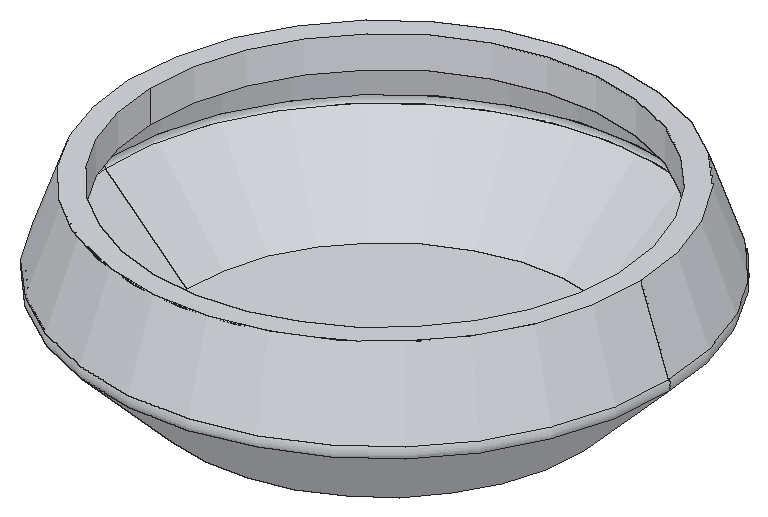
Revit family "Specialty_Equipment-Planter-Planters_Unlimited-Modern-Bristol Low Bowl Planter-rev", category Specialty Equipment, Revit 2023
Family settings
  Round Connector Dimension = Use Diameter
  Part Type = Normal
  OmniClass Number = 23.40.05.21.17
  OmniClass Title = Planters
  Work Plane-Based = No
  Enable Cutting in Views = No
  Always vertical = Yes
  Cut with Voids When Loaded = No
  Maintain Annotation Orientation = No
  Shared = No
  Room Calculation Point = No
Parameters (values of type "53"Dia x 16H"")
  CD_Width = 1346.2 mm
  URL = "https://www.plantersunlimited.com"
  Type Comments = "Rocca Fiberglass Tapered Square Planter"
  Model = "Modern Series Planters"  # constant formula
  Manufacturer = "Planters Unlimited"  # constant formula
  Description = "Modular Planting Bed"  # constant formula
  Default Elevation = 0 mm
  CD_Stiffner = CD_Height / 2  # 203.2 mm
  CD_Specification = "https://www.plantersunlimited.com/content/Planters/F1-BRI-R.pdf"
  CD_Product Page URL = "https://www.plantersunlimited.com/bristol-fiberglass-low-bowl-planter/"
  CD_Product Name [instance] = "Bristol Low Bowl Planter"  # constant formula
  CD_Offset = 3 mm
  CD_Microsite = ""
  CD_Height = 406.4 mm
  CD_Finish = Fiberglass
  CD_Created By = "CADdetails LTD. 2025"  # constant formula
  Assembly Code = "G2050600"
  Distance = CD_Stiffner / 3  # 67.733 mm
Types (4, lengths in mm): name | CD_Width | CD_Stiffner | CD_Specification | CD_Product Page URL | CD_Height | Distance
  (no name) | 1346.2 | 203.2 | "https://www.plantersunlimited.com/content/Planters/F1-BRI-R.pdf" | "https://www.plantersunlimited.com/bristol-fiberglass-low-bowl-planter/" | 406.4 | 67.733
  40"Dia x 12H" | 1016 | 152.4 | "https://www.plantersunlimited.com/content/Planters/F1-ROC-TS.pdf" | "https://www.plantersunlimited.com/roccca-square-planter/" | 304.8 | 50.8
  53"Dia x 16H" | 1346.2 | 203.2 | "https://www.plantersunlimited.com/content/Planters/F1-BRI-R.pdf" | "https://www.plantersunlimited.com/bristol-fiberglass-low-bowl-planter/" | 406.4 | 67.733
  27"Dia x 8H" | 685.8 | 101.6 | "https://www.plantersunlimited.com/content/Planters/F1-ROC-TS.pdf" | "https://www.plantersunlimited.com/roccca-square-planter/" | 203.2 | 33.867
Reference planes
  plane 1 "Center (Front/Back)": y = 0
  plane 2: z = 11.441
  plane 3 "Center (Left/Right)": x = 0
  plane 4 "Left": x = 673.1
  plane 5 "Right": x = -673.1
  plane 6 "Top": z = 420.841
  plane 7 "Bottom of Bin": z = 11.441
  plane 8 "Bottom of Planter": z = 14.441
  plane 9 "Bottom of Bed": z = 27.141
  plane 10: y = -673.1
  plane 11: y = 673.1
  plane 12 "CD_Stiffner": z = 217.641
  plane 13: x = -605.367
  plane 14: x = -469.9
Forms (mm)
  Extrusion 1, solid
    sketch origin (0, 0, 27.141) x (-1, 0, 0) y (0, -1, 0)
      loop
        circle (0, 0) r 469.9
    from 0 to -12.7
  Extrusion 2, solid, material "Fiberglass" <- "CD_Finish", detail levels medium+fine
    sketch origin (-1138.309, -4572, 14.441) x (-1, 0, 0) y (0, -1, 0)
      loop
        line (-1176.409, -5002.406) -> (-1100.209, -5002.406) -> (-1100.209, -4926.206) -> (-1176.409, -4926.206) -> (-1176.409, -5002.406)
      loop
        line (-1583.209, -4533.9) -> (-1583.209, -4610.1) -> (-1507.009, -4610.1) -> (-1507.009, -4533.9) -> (-1583.209, -4533.9)
      loop
        line (-693.409, -4533.9) -> (-769.609, -4533.9) -> (-769.609, -4610.1) -> (-693.409, -4610.1) -> (-693.409, -4533.9)
      loop
        line (-1176.409, -4141.594) -> (-1176.409, -4217.794) -> (-1100.209, -4217.794) -> (-1100.209, -4141.594) -> (-1176.409, -4141.594)
    from 0 to -3
  Sweep 3, solid
    path origin (0, 0, 420.841) x (-1, 0, 0) y (0, -1, 0)
      loop
        circle (0, 0) r 673.1
    profile origin (-673.1, 0, 420.841) x (1, 0, 0) y (0, 0, 1)
      loop
        line (203.2, -406.4) -> (217.694, -406.4) -> (12.259, -205.835)
        spline (12.259, -205.835) -> (11.746, -205.131) -> (11.299, -204.363) -> (10.909, -203.502) -> (10.572, -202.518) -> (10.299, -201.392) -> (10.102, -200.105) -> (9.995, -198.644) -> (9.99, -197.004) -> (10.103, -195.188) -> (10.345, -193.197) -> (10.725, -191.035) -> (11.251, -188.708)
        line (11.251, -188.708) -> (51.38, -76) -> (118.733, -76) -> (118.733, 0) -> (67.733, 0) -> (1.702, -185.68)
        spline (1.702, -185.68) -> (1.029, -188.541) -> (0.52, -191.284) -> (0.176, -193.91) -> (-0.003, -196.419) -> (-0.018, -198.809) -> (0.133, -201.082) -> (0.448, -203.238) -> (0.928, -205.275) -> (1.572, -207.195) -> (2.382, -208.998) -> (3.356, -210.683) -> (4.495, -212.25)
        line (4.495, -212.25) -> (203.2, -406.4)
Cuts and joins
  joined: Extrusion 1, Sweep 3
Dimensions and locks
  locked: plane 7 "Bottom of Bin" to level
  "CD_Height": plane 6 "Top" to plane 8 "Bottom of Planter"
  locked: plane 9 "Bottom of Bed" to plane 8 "Bottom of Planter" at 12.7
  plane 8 "Bottom of Planter" to level = 3 mm
  plane 6 "Top" to level = 409.4 mm
  equal spacing: plane 5 "Right", plane 3 "Center (Left/Right)", plane 4 "Left"
  "CD_Width": plane 5 "Right" to plane 4 "Left"
  equal spacing: plane 11, plane 1 "Center (Front/Back)", plane 10
  "CD_Width": plane 11 to plane 10
  level to plane 8 "Bottom of Planter" = 3 mm
  Sweep 3 to Extrusion 2 sketch curve to Extrusion 2 sketch curve = 25 mm locked, 76.2 mm locked  (x2)
  Extrusion 2 sketch curve to Extrusion 2 sketch curve to Sweep 3 = 76.2 mm locked, 10.506 mm locked
  Extrusion 2 sketch curve to plane 1 "Center (Front/Back)" to Extrusion 2 sketch curve = 38.1 mm locked, 38.1 mm locked  (x2)
  Extrusion 2 sketch curve to plane 3 "Center (Left/Right)" to Extrusion 2 sketch curve = 38.1 mm locked, 38.1 mm locked  (x2)
  plane 14 to Extrusion 2 sketch curve to Extrusion 2 sketch curve = 25 mm locked, 76.2 mm locked
  equal spacing: plane 8 "Bottom of Planter", plane 12 "CD_Stiffner", plane 6 "Top"
  Extrusion 2 sketch curve to Extrusion 2 sketch curve = 76.2 mm
  "Distance": plane 13 to plane 5 "Right"
  "CD_Stiffner": plane 14 to plane 5 "Right"
  locked: Sweep 3 sketch curve to plane 12 "CD_Stiffner" at 9.05
  locked: plane 12 "CD_Stiffner" to Sweep 3 sketch curve at 17.52
  locked: plane 5 "Right" to Sweep 3 sketch curve at 4.495
  locked: profile plane to Sweep 3 sketch curve at 1.702
  locked: Sweep 3 sketch curve to plane 14 at 14.494
  Sweep 3 sketch curve to plane 12 "CD_Stiffner" to Sweep 3 sketch curve = 2.635 mm locked, 14.492 mm locked
  locked: profile plane to Sweep 3 sketch curve at 12.259
  locked: profile plane to Sweep 3 sketch curve at 11.251
  locked: Sweep 3 sketch curve to plane 6 "Top" at 76
  locked: Sweep 3 sketch curve to plane 13 at 51
  locked: plane 13 to Sweep 3 sketch curve at 16.353
  "CD_Width": diameter of Sweep 3 sketch curve
  aligned and locked: plane 2 to level
  aligned and locked: Extrusion 1 to plane 8 "Bottom of Planter"
  aligned and locked: Extrusion 2 to level
  aligned and locked: Extrusion 1 to plane 9 "Bottom of Bed"
  aligned and locked: plane 14 to Sweep 3 sketch curve
  aligned and locked: profile plane to Sweep 3 sketch curve  (x2)
  aligned and locked: Extrusion 1 to Sweep 3 sketch curve
  aligned and locked: plane 13 to Sweep 3 sketch curve
Automatic sketch dimensions
  Extrusion 1 sketch curve to Extrusion 1 sketch curve = 0 mm  (x2)
  plane 1 "Center (Front/Back)" to Extrusion 1 sketch curve = 0 mm
  Extrusion 1 sketch curve to plane 3 "Center (Left/Right)" = 0 mm
  Extrusion 1 sketch curve to plane 14 = 0 mm
  plane 1 "Center (Front/Back)" to Sweep 3 sketch curve = 0 mm
  Sweep 3 sketch curve to plane 3 "Center (Left/Right)" = 0 mm
